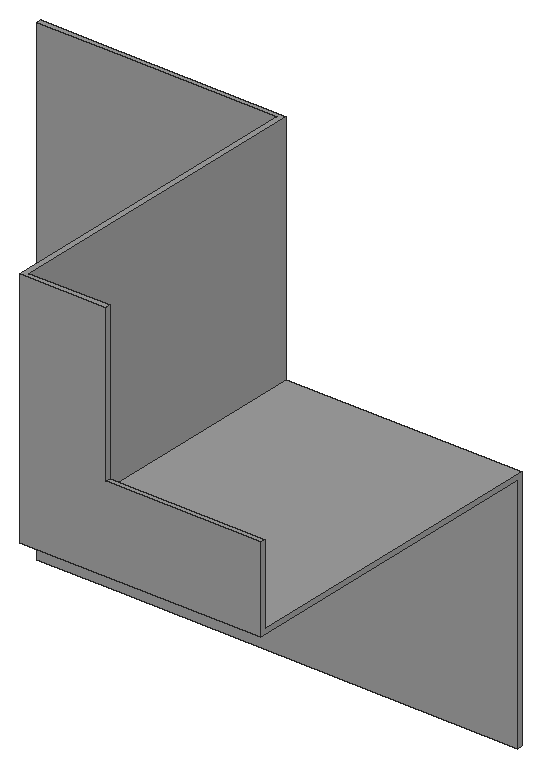
Revit family "Flashing_Preformed_Hyload_Type-W3", category Generic Models, Revit 2015
Parameters (values of type "As Specified")
  Unit Width = 0' - 7 1/8"
  Unit Height = 0' - 3"
  Unit Depth = 0' - 6"
  URL = "http://www.hyload.com/"
  Thickness = 0' - 0 1/16"
  Specification = "http://www.arcat.com/sdspecs/htm04/07_65_00hyl.htm"
  Sales Information = "http://www.hyload.com/contact-us"
  Revision = "R1_12-2015"
  Product Properties = "http://www.hyload.com/masonry-flashing/preformed-shapes/"
  Product Data = "http://www.arcat.com/arcatcos/cos33/arc33176.html"
  Model = "Type W3"
  Manufacturer Website = "http://www.hyload.com/"
  Manufacturer Phone - Toll Free = "800-457-4056"
  Manufacturer Phone = "330-769-3546"
  Manufacturer Fax = "330-769-4153"
  Manufacturer Address = "5020 Panther Pkwy., Seville, OH 44273"
  Manufacturer = "Hyload"
  Keynote = "07 65 00"
  Flashing Material = Hyload Flashing Membrane - Grey
  Drawn By = "Robert S. Weygant / Sumex Design"
  Description = "Preformed Hyload Masonry Flashing - Type W3"
  Copyright = "(c) ARCAT, Inc, 2015"
  Construction Details = "http://www.arcat.com/details/hyload/hyload.html?coid=33176"
  Assembly Code = "B3010400"
Reference planes (in)
  plane 1 "Center (Front/Back)": y = 0
  plane 2: z = 0
  plane 3 "Center (Left/Right)": x = 0
  plane 4: x = 3
  plane 5: z = 3
  plane 6: y = -4
  plane 7: z = 6
Forms (in)
  Sweep 1, solid, material "Hyload Flashing Membrane - Grey" <- "Flashing Material"
    path origin (0, 0, 0) x (1, 0, 0) y (0, 0, 1)
      loop
        line (3, 3) -> (0, 3) -> (0, 6)
    profile origin (1.5, 0, 3) x (0, 0, -1) y (0, -1, 0)
      loop
        line (0, 0) -> (0, 4) -> (-1.0625, 4) -> (-1.0625, 3.9375) -> (-0.0625, 3.9375) -> (-0.0625, -0.0625) -> (3, -0.0625) -> (3, 0) -> (0, 0)
  Extrusion 2, solid, material "Hyload Flashing Membrane - Grey" <- "Flashing Material"
    sketch origin (0, 0, 0) x (1, 0, 0) y (0, 0, 1)
      loop
        line (-2, 6) -> (-3, 6) -> (-3, 0) -> (-2, 0) -> (-2, 6)
    from -0.0625 to 0
Cuts and joins
  joined: Sweep 1, Extrusion 2
Dimensions and locks (in)
  "Unit Height": plane 5 to level
  plane 1 "Center (Front/Back)" to plane 6 = 0' - 4"
  plane 7 to level = 0' - 6"
  plane 4 to plane 3 "Center (Left/Right)" = 0' - 3"
  aligned and locked: plane 2 to level
  aligned and locked: plane 3 "Center (Left/Right)" to Sweep 1 sketch curve
  aligned and locked: plane 5 to Sweep 1 sketch curve  (x2)
  aligned and locked: Sweep 1 sketch curve to plane 6
  aligned and locked: Sweep 1 sketch curve to level
  aligned and locked: plane 7 to Sweep 1 sketch curve
  aligned and locked: Extrusion 2 sketch curve to plane 7
  aligned and locked: Sweep 1 to Extrusion 2 sketch curve
  aligned and locked: Extrusion 2 sketch curve to Sweep 1
  aligned and locked: Sweep 1 to Extrusion 2
  aligned and locked: plane 1 "Center (Front/Back)" to Extrusion 2
Automatic sketch dimensions
  profile plane to Sweep 1 sketch curve = 0' - 1 1/16"
  profile plane to Sweep 1 sketch curve = 0' - 0 1/16"
  Sweep 1 sketch curve to Sweep 1 sketch curve = 0' - 0 1/16"  (x2)
  Sweep 1 sketch curve to plane 1 "Center (Front/Back)" = 0' - 0"
  Sweep 1 sketch curve to plane 4 = 0' - 0"
  Extrusion 2 sketch curve to plane 3 "Center (Left/Right)" = 0' - 2"
